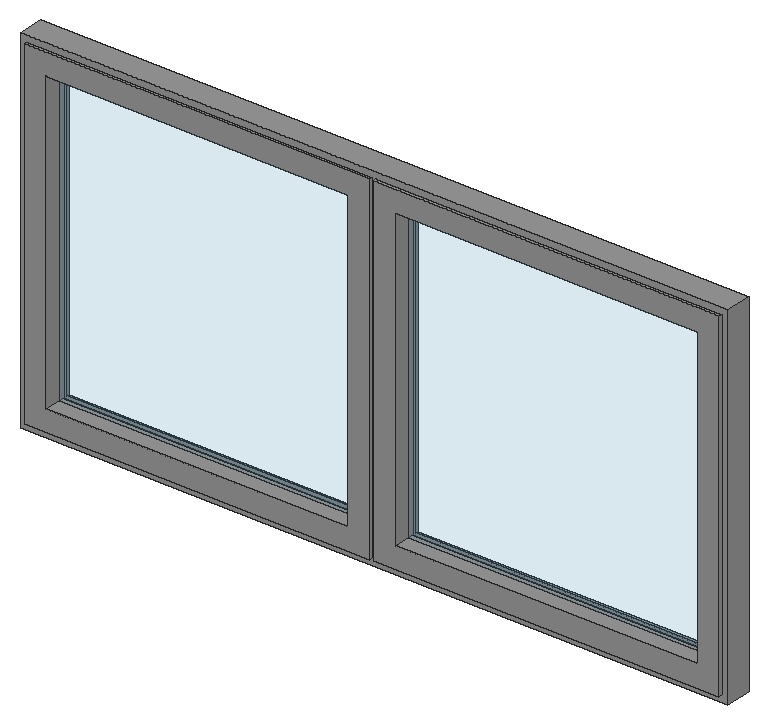
Revit family "Kawneer_Window_GT70s_Pos003", category Windows, host Wall, Revit 2020 (continued)
Definition of nested family "Kawneer_GT70s_Pos003"
  Definition of nested family "Kawneer_GT70s_Mull3"
    Lines and regions (mm)
      model lines, in view "Ref. Level", detail levels fine
        curve 1755: line (-7.324, -0.005, 0) -> (-10.194, -0.005, 0)
        curve 1756: line (-18.85, -67.5, 0) -> (-18.971, -68, 0)
        curve 1757: line (-18.971, -68, 0) -> (-20.971, -66, 0)
        curve 1758: line (-21.28, -69.934, 0) -> (-21.868, -69.346, 0)
        curve 1759: line (-21.868, -69.346, 0) -> (-22.41, -68.803, 0)
        curve 1760: line (-22.55, -67.9, 0) -> (-23.314, -67.9, 0)
        curve 1761: line (-23.314, -67.9, 0) -> (-25.214, -66, 0)
        curve 1762: line (-25.335, -68, 0) -> (-27.335, -66, 0)
        curve 1763: line (-27.335, -66, 0) -> (-20.35, -66, 0)
        curve 1764: line (-27.308, -68.149, 0) -> (-28.669, -66.787, 0)
        curve 1765: line (-27.18, -70.398, 0) -> (-29.818, -67.759, 0)
        curve 1766: line (-27.755, -71.944, 0) -> (-28.839, -70.86, 0)
        curve 1767: line (-26.463, -66, 0) -> (-30.076, -69.623, 0)
        curve 1768: line (-30.076, -69.623, 0) -> (-32.155, -67.544, 0)
        curve 1769: line (-32.155, -67.544, 0) -> (-33.357, -68.651, 0)
        curve 1770: line (-33.099, -68.721, 0) -> (-34.484, -67.336, 0)
        curve 1771: line (-34.484, -67.336, 0) -> (-29.385, -67.798, 0)
        curve 1772: line (-34.892, -68.065, 0) -> (-34.19, -67.363, 0)
        curve 1773: line (-31.69, -69.105, 0) -> (-30.3, -67.715, 0)
        curve 1774: line (-28.974, -70.632, 0) -> (-27.297, -68.955, 0)
        curve 1775: line (-28.048, -71.827, 0) -> (-27.137, -70.917, 0)
        curve 1776: line (-22.835, -70.5, 0) -> (-24.354, -68.981, 0)
        curve 1777: line (-24.35, -69.1, 0) -> (-24.383, -68.162, 0)
        curve 1778: line (-24.383, -68.162, 0) -> (-22.221, -66, 0)
        curve 1779: line (-24.295, -70.195, 0) -> (-23.442, -69.342, 0)
        curve 1780: line (-23.442, -69.342, 0) -> (-23.549, -68.117, 0)
        curve 1781: line (-22.464, -69.417, 0) -> (-22.363, -68.264, 0)
        curve 1782: line (-22.363, -68.264, 0) -> (-20.117, -66.018, 0)
        curve 1783: line (-22.478, -70.5, 0) -> (-21.141, -69.163, 0)
        curve 1784: line (-19.978, -68, 0) -> (-18.947, -66.969, 0)
        curve 1785: line (-23.236, -69.6, 0) -> (-22.663, -69.6, 0)
        curve 1786: line (-21.55, -68.3, 0) -> (-21.55, -69.1, 0)
        curve 1787: line (-21.55, -69.1, 0) -> (-20.9, -69.2, 0)
        curve 1788: line (-20.9, -69.2, 0) -> (-20.9, -69.615, 0)
        curve 1789: line (-20.9, -69.615, 0) -> (-21.955, -70.5, 0)
        curve 1790: line (-21.955, -70.5, 0) -> (-23.926, -70.5, 0)
        curve 1791: line (-23.926, -70.5, 0) -> (-24.636, -69.913, 0)
        curve 1792: line (-24.65, -68, 0) -> (-27.049, -68, 0)
        curve 1793: line (-27.348, -68.324, 0) -> (-27.05, -72, 0)
        curve 1794: line (-27.05, -72, 0) -> (-27.35, -72, 0)
        curve 1795: line (-30.697, -69.376, 0) -> (-34.58, -68.317, 0)
        curve 1796: line (-18.85, -68, 0) -> (-21.25, -68, 0)
        curve 1797: line (-52.7, 8, 0) -> (-66.5, 8, 0)
        curve 1798: line (-67, 7.5, 0) -> (-67, -31.4, 0)
        curve 1799: line (-66.5, -31.9, 0) -> (-65.2, -31.9, 0)
        curve 1800: line (-64.7, -31.4, 0) -> (-64.7, -30.9, 0)
        curve 1801: line (-65.8, -29.9, 0) -> (-65.8, -6.7, 0)
        curve 1802: line (-65.3, -6.2, 0) -> (-49.85, -6.2, 0)
        curve 1803: line (-49.709, -6.541, 0) -> (-50.391, -7.224, 0)
        curve 1804: line (-50.391, -7.224, 0) -> (-50.45, -7.6, 0)
        curve 1805: line (-50.25, -7.8, 0) -> (-49.784, -7.8, 0)
        curve 1806: line (-49.534, -7.733, 0) -> (-47.903, -6.792, 0)
        curve 1807: line (-48.356, -5.1, 0) -> (-64.744, -5.1, 0)
        curve 1808: line (-65.744, -4.082, 0) -> (-65.576, 5.08, 0)
        curve 1809: line (-64.078, 6.5, 0) -> (-55.933, 6.5, 0)
        curve 1810: line (-55.5, 6.25, 0) -> (-53.97, 3.6, 0)
        curve 1811: line (-52.238, 2.6, 0) -> (-49.559, 2.6, 0)
        curve 1812: line (-49.205, 3.454, 0) -> (-49.764, 4.012, 0)
        curve 1813: line (-50.566, 3.8, 0) -> (-52.123, 3.8, 0)
        curve 1814: line (-52.989, 4.3, 0) -> (-53.999, 6.05, 0)
        curve 1815: line (-53.566, 6.8, 0) -> (-52.4, 6.8, 0)
        curve 1816: line (-52.2, 7, 0) -> (-52.2, 7.5, 0)
        curve 1817: line (-60.098, -65, 0) -> (-64.749, -69.651, 0)
        curve 1818: line (-63.119, -65.9, 0) -> (-65.219, -68, 0)
        curve 1819: line (-65.06, -65.148, 0) -> (-64.939, -65.599, 0)
        curve 1820: line (-64.939, -65.599, 0) -> (-66.836, -67.495, 0)
        curve 1821: line (-66.462, -65, 0) -> (-67.104, -65.642, 0)
        curve 1822: line (-65.902, -65, 0) -> (-61.251, -69.651, 0)
        curve 1823: line (-62.881, -65.9, 0) -> (-60.781, -68, 0)
        curve 1824: line (-60.94, -65.148, 0) -> (-61.061, -65.599, 0)
        curve 1825: line (-61.061, -65.599, 0) -> (-59.164, -67.495, 0)
        curve 1826: line (-59.538, -65, 0) -> (-58.896, -65.642, 0)
        curve 1827: line (-64.914, -69.415, 0) -> (-64.494, -70.015, 0)
        curve 1828: line (-64.33, -70.1, 0) -> (-63.765, -70.1, 0)
        curve 1829: line (-63.592, -70, 0) -> (-63.173, -69.274, 0)
        curve 1830: line (-62.827, -69.274, 0) -> (-62.408, -70, 0)
        curve 1831: line (-62.235, -70.1, 0) -> (-61.67, -70.1, 0)
        curve 1832: line (-61.506, -70.015, 0) -> (-61.086, -69.415, 0)
        curve 1833: line (-59.211, -67.817, 0) -> (-58.835, -65.217, 0)
        curve 1834: line (-59.034, -65, 0) -> (-60.747, -65, 0)
        curve 1835: line (-61.295, -65.9, 0) -> (-64.706, -65.9, 0)
        curve 1836: line (-65.253, -65, 0) -> (-66.966, -65, 0)
        curve 1837: line (-67.165, -65.217, 0) -> (-66.789, -67.817, 0)
        curve 1838: line (-58.73, -35.602, 0) -> (-60.021, -37.005, 0)
        curve 1839: line (-60.021, -37.005, 0) -> (-64.669, -32.005, 0)
        curve 1840: line (-60.834, -33.277, 0) -> (-62.692, -35.297, 0)
        curve 1841: line (-63.411, -31.466, 0) -> (-66.357, -34.668, 0)
        curve 1842: line (-66.357, -34.668, 0) -> (-65.061, -36.19, 0)
        curve 1843: line (-66.827, -35.18, 0) -> (-68.507, -37.005, 0)
        curve 1844: line (-68.507, -37.005, 0) -> (-69.826, -35.622, 0)
        curve 1845: line (-66.028, -32.005, 0) -> (-68.687, -34.896, 0)
        curve 1846: line (-69.002, -35.238, 0) -> (-70.562, -36.934, 0)
        curve 1847: line (-67.112, -30.877, 0) -> (-69.428, -33.395, 0)
        curve 1848: line (-70.278, -35.131, 0) -> (-69.981, -35.453, 0)
        curve 1849: line (-69.525, -33.644, 0) -> (-68.494, -34.765, 0)
        curve 1850: line (-69.02, -31.887, 0) -> (-67.304, -33.752, 0)
        curve 1851: line (-68.381, -30.276, 0) -> (-63.925, -35.119, 0)
        curve 1852: line (-62.833, -31.694, 0) -> (-58.1, -36.839, 0)
      detail lines, in view "Ref. Level", detail levels coarse+medium
        curve 1853: line (6, 0, 0) -> (-6, 0, 0)
        curve 1854: line (-6, 0, 0) -> (-6, 8, 0)
        curve 1855: line (-6, 8, 0) -> (-67, 8, 0)
        curve 1856: line (-67, 8, 0) -> (-67, -37, 0)
        curve 1857: line (-67, -37, 0) -> (-57.95, -37, 0)
        curve 1858: line (-57.95, -37, 0) -> (-57.95, -65, 0)
        curve 1859: line (-57.95, -65, 0) -> (-67, -65, 0)
        curve 1860: line (-67, -65, 0) -> (-67, -72, 0)
        curve 1861: line (-67, -72, 0) -> (67, -72, 0)
        curve 1862: line (67, 8, 0) -> (67, -37, 0)
        curve 1863: line (67, -37, 0) -> (57.95, -37, 0)
        curve 1864: line (57.95, -37, 0) -> (57.95, -65, 0)
        curve 1865: line (57.95, -65, 0) -> (67, -65, 0)
        curve 1866: line (67, -65, 0) -> (67, -72, 0)
        curve 1867: line (6, 0, 0) -> (6, 8, 0)
        curve 1868: line (6, 8, 0) -> (67, 8, 0)
